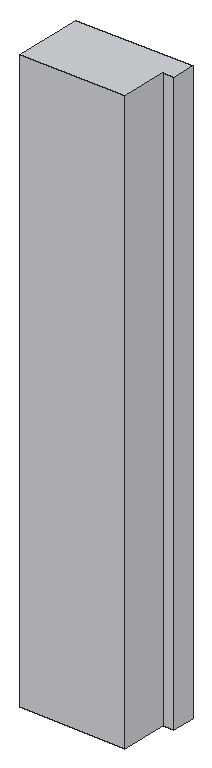
Revit family
Parameters
  tolleranza = 1 mm
  spessore vetro = 5 mm
  semilargh vetro [instance] = 500 mm
  profondità vetro = 15 mm
  profondità uno = 20 mm
  profondità due = 10 mm
  larghezza telaio = 45 mm
  PROFONDITA' = 30 mm
  largh telaio fisso = 50 mm
  dente = 5 mm
Reference planes
  plane 1 "Center (Front/Back)": y = 0
  plane 2: z = 0
  plane 3 "Center (Left/Right)": x = 0
  plane 4: x = -367
  plane 5: x = -322
  plane 6: x = -317
  plane 7: y = 30
  plane 8: y = 20
  plane 9: x = -321
  plane 10: y = 16
Forms (mm)
  Extrusion 1, solid
    sketch origin (0, 0, 0) x (1, 0, 0) y (0, 1, 0)
      loop
        line (-367, 0) -> (-322, 0) -> (-322, 20) -> (-317, 20) -> (-317, 30) -> (-367, 30) -> (-367, 0)
    from 0 to 250
Dimensions and locks
  "largh telaio fisso": plane 4 to plane 6
  "dente": plane 5 to plane 6
  "profondità uno": plane 1 "Center (Front/Back)" to plane 8
  "PROFONDITA'": plane 1 "Center (Front/Back)" to plane 7
  "tolleranza": plane 5 to plane 9
  plane 8 to plane 10 = 4 mm
  aligned and locked: Extrusion 1 sketch curve to plane 7
  aligned and locked: Extrusion 1 sketch curve to plane 6
  aligned and locked: Extrusion 1 sketch curve to plane 5
  aligned and locked: Extrusion 1 sketch curve to plane 1 "Center (Front/Back)"
  aligned and locked: plane 4 to Extrusion 1 sketch curve
  aligned and locked: Extrusion 1 to plane 8
Automatic sketch dimensions
  Extrusion 1 sketch curve to plane 8 = 0 mm
